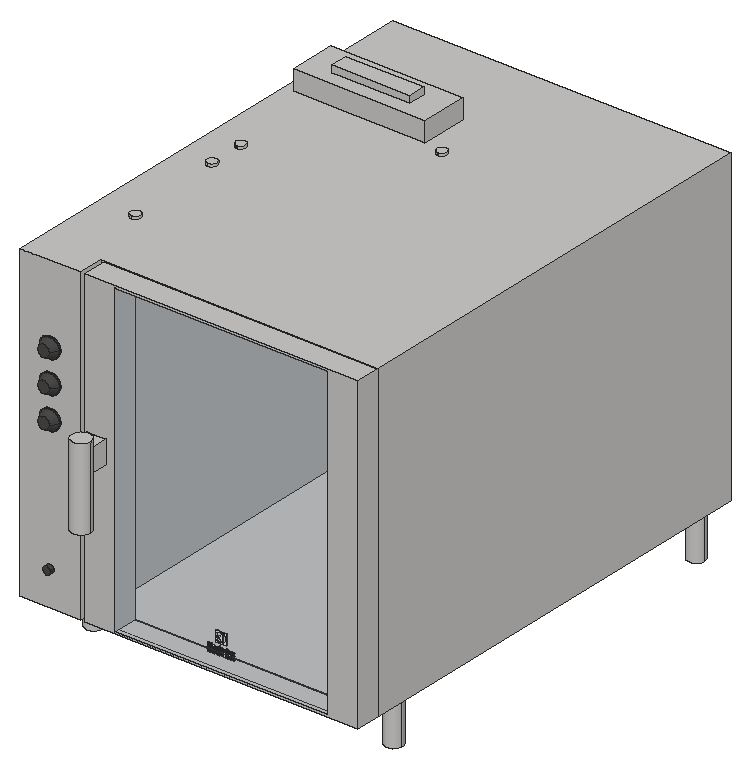
Revit family "QF_ELECTROLUXPROFESSIONAL_260825_EFCG12CSAS", category Attrezzature speciali, Revit 2018
Family settings
  Quota connettore circolare = Usa diametro
  Tipo di parte = Normale
  Basato su piano di lavoro = No
  Sempre verticale = Sì
  Taglio con vuoti quando caricato = No
  Condiviso = No
  Punto di calcolo locali = No
Parameters (values of type "Standard")
  Weight = 154.00 kg
  Watts = 500 W
  Volts = 220 V
  URL Manufacturer = "https://www.electroluxprofessional.com/"
  URL = "https://www.electroluxprofessional.com/"
  Steam Supply Size = 0 mm
  Steam Supply Minimum Pressure = 0.0 Pa
  Steam Supply Maximum Pressure = 0.0 Pa
  Steam Consumption per Hour = 0
  Show Logo [instance] = yes
  Show Clearance [instance] = yes
  Refrigeration Suction Line Size = 0 mm
  Refrigeration Liquid Line Size = 0 mm
  Refrigerant Compressor Remote = yes
  Produttore = "Electrolux Professional"
  Phase = 1
  Modello = "EFCG12CSAS"
  Length Actual = 890 mm  # constant formula
  Item Number = "260825"
  Hot Water Size = 0 mm
  Height Actual = 970 mm  # constant formula
  HP = "0.7 HP"
  Gas Size = 12.7 mm
  Gas KW = 25
  Gas Input Pressure = 0.171871 W
  Direct Waste Size = 25 mm
  Descrizione = "CONVECTION OVEN CW 10 GN 2/1 - GAS"
  Depth Actual = 1215 mm  # constant formula
  Cycle = 50 Hz
  Condensate Return Size = 0 mm
  Compressed Air Volume = 0.0 L/s
  Compressed Air Size = 0 mm
  Compressed Air Pressure = 0.0 Pa
  Cold Water Size = 19.05 mm
  Accessory = yes
Types (2, lengths in mm): name | URL | Produttore | Phase | Modello | Gas Size | Direct Waste Size | Descrizione | Cold Water Size
  (no name) | 0 | 0 | 0 | 0 | 0 | 0 | 0 | 0
  Standard | "https://www.electroluxprofessional.com/" | "Electrolux Professional" | 1 | "EFCG12CSAS" | 12.7 | 25 | "CONVECTION OVEN CW 10 GN 2/1 - GAS" | 19.05
Values of the unnamed type that differ from the named types
  Weight = 0.00 kg
  Watts = 0 W
  Volts = 0 V
  URL Manufacturer = ""
  Item Number = ""
  HP = ""
  Gas KW = 0
  Gas Input Pressure = 0 W
  Cycle = 0 Hz
Reference planes
  plane 1 "Center X": y = -132.649
  plane 2: z = 0
  plane 3 "Center Y": x = -315
  plane 4 "LEFT": x = -760
  plane 5 "BACK": y = 479.851
  plane 6 "RIGHT": x = 130
  plane 7 "FRONT": y = -745.149
  plane 8: x = -710
  plane 9: y = 421.851
  plane 10: y = -680.149
  plane 11: x = 80
  plane 12: y = -1426.149
Forms (mm)
  Extrusion 1, solid, material "QF_Finishes_Stainless Steel"
    sketch origin (0, 0, 950) x (-1, 0, 0) y (0, -1, 0)
      loop
        line (760, -479.851) -> (760, 745.149) -> (600, 745.149) -> (600, 680.149) -> (-130, 680.149) -> (-130, -479.851) -> (760, -479.851)
    from 0 to -820
  Extrusion 2, solid, material "QF_Finishes_Stainless Steel"
    sketch origin (0, -745.149, -670) x (-1, 0, 0) y (0, 0, 1)
      loop
        line (590, 1620) -> (-130, 1620) -> (-130, 800) -> (590, 800) -> (590, 1620)
      loop
        line (510, 1615) -> (-50, 1615) -> (-50, 805) -> (510, 805) -> (510, 1615)
    from 0 to 65
  Extrusion 3, solid, material "QF_Finishes_Glass"
    sketch origin (0, -745.149, -670) x (-1, 0, 0) y (0, 0, 1)
      loop
        line (-50, 1615) -> (-50, 805) -> (510, 805) -> (510, 1615) -> (-50, 1615)
    from 0 to 9.69
  Extrusion 4, void
    sketch origin (-600, -680.149, 950) x (-1, 0, 0) y (0, 0, 1)
      loop
        line (-10, -5) -> (-650, -5) -> (-650, -815) -> (-10, -815) -> (-10, -5)
    from 0 to 1102
  Extrusion 5, solid, material "QF_Finishes_Stainless Steel"
    sketch origin (-32, -391, 955) x (0, -1, 0) y (-1, 0, 0)
      loop
        circle (-265.851, 643) r 13.25
    from 0 to 5
  Extrusion 6, solid, material "QF_Door-Drawer Clearances", visible <- "Show Clearance", detail levels coarse
    sketch origin (0, 0, 950) x (-1, 0, 0) y (0, -1, 0)
      loop
        arc (590, 745.149) -> (362.228, 1225.45) -> (-130, 1426.149) r 734.22
        line (-130, 1426.149) -> (-130, 745.149) -> (590, 745.149)
    from -820 to 0
  Extrusion 7, solid, material "QF_Finishes_Black"
    sketch origin (24, -745.149, -766.676) x (-1, 0, 0) y (0, 0, 1)
      loop
        circle (704, 1512.5) r 26.676
    from 0 to -3
  Blend 8, solid, material "QF_Finishes_Black"
    base sketch origin (-21, -745.149, -766.676) x (1, 0, 0) y (0, 0, 1)
      loop
        circle (-659, 1512.5) r 25
    top sketch origin (-21, -745.149, -766.676) x (1, 0, 0) y (0, 0, 1)
      loop
        circle (-659, 1512.5) r 15
    from 3 to 21.442
  Extrusion 9, solid, material "QF_Finishes_Black"
    sketch origin (24, -745.149, -851.676) x (-1, 0, 0) y (0, 0, 1)
      loop
        circle (704, 1512.5) r 26.676
    from 0 to -3
  Blend 10, solid, material "QF_Finishes_Black"
    base sketch origin (-21, -745.149, -851.676) x (1, 0, 0) y (0, 0, 1)
      loop
        circle (-659, 1512.5) r 25
    top sketch origin (-21, -745.149, -851.676) x (1, 0, 0) y (0, 0, 1)
      loop
        circle (-659, 1512.5) r 15
    from 3 to 21.442
  Extrusion 11, solid, material "QF_Finishes_Black"
    sketch origin (24, -745.149, -936.676) x (-1, 0, 0) y (0, 0, 1)
      loop
        circle (704, 1512.5) r 26.676
    from 0 to -3
  Blend 12, solid, material "QF_Finishes_Black"
    base sketch origin (-21, -745.149, -936.676) x (1, 0, 0) y (0, 0, 1)
      loop
        circle (-659, 1512.5) r 25
    top sketch origin (-21, -745.149, -936.676) x (1, 0, 0) y (0, 0, 1)
      loop
        circle (-659, 1512.5) r 15
    from 3 to 21.442
  Extrusion 13, solid, material "QF_Finishes_Stainless Steel"
    sketch origin (-17, -431, 955) x (0, -1, 0) y (-1, 0, 0)
      loop
        circle (59.149, 643) r 13.25
    from 0 to 5
  Extrusion 14, solid, material "QF_Finishes_Stainless Steel"
    sketch origin (309, 1.5, 955) x (0, -1, 0) y (-1, 0, 0)
      loop
        circle (-108.351, 643) r 13.25
    from 0 to 5
  Extrusion 15, solid, material "QF_Finishes_Stainless Steel"
    sketch origin (0, 0, 575) x (-1, 0, 0) y (0, -1, 0)
      loop
        circle (559.299, 795.149) r 25
    from -193.655 to 20
  Extrusion 16, solid, material "QF_Finishes_Stainless Steel"
    sketch origin (0, 0, 575) x (-1, 0, 0) y (0, -1, 0)
      loop
        line (534.299, 795.149) -> (534.299, 745.149) -> (584.299, 745.149) -> (584.299, 795.149)
        arc (584.299, 795.149) -> (559.299, 770.149) -> (534.299, 795.149) r 25
    from -55.026 to 5
  Extrusion 17, solid, material "QF_Finishes_Black"
    sketch origin (25, -795.149, -1017.5) x (-1, 0, 0) y (0, 0, 1)
      loop
        circle (705.941, 1240.523) r 10
    from 40 to 50
  Extrusion 18, solid, material "QF_Finishes_Stainless Steel"
    sketch origin (-122.755, -56.423, 1620) x (-1, 0, 0) y (0, -1, 0)
      loop
        line (611.245, -302.274) -> (611.245, -178.274) -> (265.245, -178.274) -> (265.245, -302.274) -> (611.245, -302.274)
    from -670 to -619
  Extrusion 19, solid, material "QF_Finishes_Stainless Steel"
    sketch origin (-122.755, -56.423, 1001) x (-1, 0, 0) y (0, -1, 0)
      loop
        line (541.245, -263.274) -> (541.245, -217.274) -> (335.245, -217.274) -> (335.245, -263.274) -> (541.245, -263.274)
    from 0 to 17
  Extrusion 20, solid, material "QF_Finishes_Stainless Steel"
    sketch origin (-32, -486, 955) x (0, -1, 0) y (-1, 0, 0)
      loop
        circle (-265.851, 643) r 13.25
    from 0 to 5
Cuts and joins
  Extrusion 4 cuts Extrusion 2
  Extrusion 4 cuts Extrusion 1
Lines and regions (mm)
  Split face 1
    outline origin (50, -745.149, 135) x (1, 0, 0) y (0, 0, 1)
      loop
        line (-546.223, 92.039) -> (-395, 92.039) -> (-366.716, 120.323) -> (-280, 120.323) -> (-193.284, 120.323) -> (-165, 92.039) -> (-13.777, 92.039) -> (-13.777, 732.039) -> (-546.223, 732.039) -> (-546.223, 92.039)
  Split face 2
    outline origin (-760, -745.149, 950) x (0, 0, -1) y (1, 0, 0)
      loop
        line (5, 15) -> (815, 15) -> (815, 145) -> (5, 145) -> (5, 15)
  Split face 3
    outline origin (-760, -745.149, 950) x (0, 0, -1) y (1, 0, 0)
      loop
        line (50, 15) -> (50, 145)
  Split face 4
    outline origin (-760, -745.149, 950) x (0, 0, -1) y (1, 0, 0)
      loop
        line (770, 15) -> (770, 145)
  Split face 5
    outline origin (-760, -745.149, 950) x (0, 0, -1) y (1, 0, 0)
      loop
        line (447.866, 50) -> (472.866, 50) -> (472.866, 110) -> (447.866, 110) -> (447.866, 50)
  symbolic lines
    curve 1: line (-760, -745.149, 1620) -> (-760, 479.851, 1620)
    curve 2: line (-760, 479.851, 1620) -> (130, 479.851, 1620)
    curve 3: line (-600, -680.149, 1620) -> (130, -680.149, 1620)
    curve 4: line (-600, -680.149, 1620) -> (-600, -745.149, 1620)
    curve 5: line (-760, -745.149, 1620) -> (130, -745.149, 1620)
    curve 6: line (-706.676, -748.149, 1620) -> (-653.324, -748.149, 1620)
    curve 7: line (-695, -766.591, 1620) -> (-665, -766.591, 1620)
    curve 8: line (-706.676, -748.149, 1620) -> (-706.676, -745.149, 1620)
    curve 9: line (-653.324, -748.149, 1620) -> (-653.324, -745.149, 1620)
    curve 10: line (-695, -766.591, 1620) -> (-705, -748.149, 1620)
    curve 11: line (-665, -766.591, 1620) -> (-655.006, -748.149, 1620)
    curve 12: line (130, 479.851, 1620) -> (130, -745.149, 1620)
    curve 14: arc (-534.299, -795.149, 1620) -> (-559.299, -770.149, 1620) -> (-584.299, -795.149, 1620) r 25
    curve 15: arc (-584.299, -795.149, 1620) -> (-559.299, -820.149, 1620) -> (-534.299, -795.149, 1620) r 25
    curve 16: line (-534.299, -795.149, 1620) -> (-534.299, -745.149, 1620)
    curve 17: line (-584.299, -745.149, 1620) -> (-584.299, -795.149, 1620)
    curve 19: line (-734, 245.851, 1620) -> (-388, 245.851, 1620)
    curve 20: line (-734, 121.851, 1620) -> (-734, 245.851, 1620)
    curve 21: line (-388, 121.851, 1620) -> (-734, 121.851, 1620)
    curve 22: line (-388, 245.851, 1620) -> (-388, 121.851, 1620)
    curve 23: line (-664, 206.851, 1620) -> (-458, 206.851, 1620)
    curve 24: line (-664, 160.851, 1620) -> (-664, 206.851, 1620)
    curve 25: line (-458, 160.851, 1620) -> (-664, 160.851, 1620)
    curve 26: line (-458, 206.851, 1620) -> (-458, 160.851, 1620)
  symbolic lines, style "QF_Door-Drawer Clearances"
    curve 13: line (130, -1426.149, 1620) -> (130, -745.149, 1620)
    curve 18: arc (-590, -745.149, 1620) -> (-362.228, -1225.45, 1620) -> (130, -1426.149, 1620) r 734.22
Dimensions and locks
  equal spacing: plane 4 "LEFT", plane 3 "Center Y", plane 6 "RIGHT"
  plane 4 "LEFT" to plane 6 "RIGHT" = 890 mm
  plane 5 "BACK" to plane 7 "FRONT" = 1225 mm
  equal spacing: plane 5 "BACK", plane 1 "Center X", plane 7 "FRONT"
  plane 5 "BACK" to plane 12 = 1906 mm
  Extrusion 6 to level = 130 mm
  Extrusion 6 to level = 950 mm
  aligned and locked: level to plane 2
  aligned and locked: Blend 8 to Extrusion 7
  aligned and locked: Blend 10 to Extrusion 9
  aligned and locked: Blend 12 to Extrusion 11
Automatic sketch dimensions
  Extrusion 1 sketch curve to plane 5 "BACK" = 0 mm
  Extrusion 1 sketch curve to plane 6 "RIGHT" = 0 mm
  Extrusion 1 sketch curve to plane 10 = 0 mm
  Extrusion 1 sketch curve to plane 7 "FRONT" = 0 mm
  Extrusion 1 sketch curve to plane 4 "LEFT" = 0 mm
  plane 8 to Extrusion 1 sketch curve = 110 mm
  Extrusion 2 sketch curve to plane 6 "RIGHT" = 0 mm
  Extrusion 2 sketch curve to plane 11 = 30 mm
  Extrusion 2 sketch curve to plane 3 "Center Y" = 195 mm
  Extrusion 2 sketch curve to Extrusion 2 sketch curve = 80 mm
  level to Extrusion 2 sketch curve = 130 mm
  Extrusion 2 sketch curve to Extrusion 2 sketch curve = 5 mm  (x2)
  Extrusion 2 sketch curve to Extrusion 2 sketch curve = 810 mm
  Extrusion 3 sketch curve to plane 11 = 30 mm
  Extrusion 3 sketch curve to plane 3 "Center Y" = 195 mm  (x2)
  level to Extrusion 3 sketch curve = 135 mm
  Extrusion 3 sketch curve to Extrusion 3 sketch curve = 810 mm
  Extrusion 4 sketch curve to plane 11 = 30 mm
  plane 8 to Extrusion 4 sketch curve = 120 mm
  level to Extrusion 4 sketch curve = 135 mm
  Extrusion 4 sketch curve to Extrusion 4 sketch curve = 810 mm
  Extrusion 5 sketch curve to plane 1 "Center X" = 7.5 mm
  plane 8 to Extrusion 5 sketch curve = 35 mm
  Extrusion 6 sketch curve to plane 6 "RIGHT" = 0 mm
  Extrusion 6 sketch curve to plane 7 "FRONT" = 0 mm
  Extrusion 6 sketch curve to plane 12 = 0 mm
  plane 6 "RIGHT" to Extrusion 6 sketch curve = 12.296 mm
  plane 8 to Extrusion 6 sketch curve = 120 mm
  plane 8 to Extrusion 7 sketch curve = 30 mm
  level to Extrusion 7 sketch curve = 745.824 mm
  Extrusion 2 to Blend 8 sketch curve = 90 mm  (x2)
  Extrusion 2 to Blend 8 sketch curve = 199.176 mm  (x2)
  plane 8 to Extrusion 9 sketch curve = 30 mm
  level to Extrusion 9 sketch curve = 660.824 mm
  Extrusion 2 to Blend 10 sketch curve = 90 mm  (x2)
  Extrusion 2 to Blend 10 sketch curve = 284.176 mm  (x2)
  plane 8 to Extrusion 11 sketch curve = 30 mm
  level to Extrusion 11 sketch curve = 575.824 mm
  Extrusion 2 to Blend 12 sketch curve = 90 mm  (x2)
  Extrusion 2 to Blend 12 sketch curve = 369.176 mm  (x2)
  plane 8 to Extrusion 13 sketch curve = 50 mm
  plane 10 to Extrusion 13 sketch curve = 190 mm
  Extrusion 14 sketch curve to plane 3 "Center Y" = 19 mm
  Extrusion 14 sketch curve to plane 1 "Center X" = 242.5 mm
  Extrusion 15 sketch curve to plane 7 "FRONT" = 50 mm
  plane 8 to Extrusion 15 sketch curve = 150.701 mm
  Extrusion 16 sketch curve to plane 7 "FRONT" = 0 mm
  plane 8 to Extrusion 16 sketch curve = 175.701 mm
  Extrusion 16 sketch curve to Extrusion 16 sketch curve = 25 mm
  Extrusion 16 sketch curve to plane 7 "FRONT" = 50 mm
  Split face 1 sketch curve to Extrusion 3 = 13.777 mm  (x2)
  Split face 1 sketch curve to Split face 1 sketch curve = 151.223 mm
  Split face 1 sketch curve to Split face 1 sketch curve = 28.284 mm  (x3)
  Split face 1 sketch curve to Split face 1 sketch curve = 86.716 mm  (x2)
  Split face 1 sketch curve to Extrusion 3 = 92.039 mm  (x2)
  Split face 1 sketch curve to Extrusion 3 = 77.961 mm
  Split face 2 sketch curve to cut or joined group of Extrusion 1, Extrusion 4 = 5 mm  (x2)
  Split face 2 sketch curve to cut or joined group of Extrusion 1, Extrusion 4 = 15 mm  (x2)
  Split face 3 sketch curve to cut or joined group of Extrusion 1, Extrusion 4 = 15 mm  (x2)
  Split face 3 sketch curve to cut or joined group of Extrusion 1, Extrusion 4 = 50 mm
  Split face 4 sketch curve to cut or joined group of Extrusion 1, Extrusion 4 = 15 mm  (x2)
  Split face 4 sketch curve to cut or joined group of Extrusion 1, Extrusion 4 = 50 mm
  Split face 5 sketch curve to cut or joined group of Extrusion 1, Extrusion 4 = 50 mm  (x2)
  Split face 5 sketch curve to cut or joined group of Extrusion 1, Extrusion 4 = 372.134 mm
  Split face 5 sketch curve to Split face 5 sketch curve = 25 mm
  plane 8 to Extrusion 17 sketch curve = 29.059 mm
  level to Extrusion 17 sketch curve = 223.023 mm
  Extrusion 18 sketch curve to plane 3 "Center Y" = 73 mm
  Extrusion 18 sketch curve to plane 8 = 24 mm
  Extrusion 18 sketch curve to plane 9 = 176 mm
  Extrusion 18 sketch curve to Extrusion 18 sketch curve = 124 mm
  Extrusion 19 sketch curve to Extrusion 18 = 70 mm  (x2)
  Extrusion 19 sketch curve to Extrusion 18 = 39 mm  (x2)
  plane 8 to Extrusion 20 sketch curve = 35 mm
  plane 1 "Center X" to Extrusion 20 sketch curve = 87.5 mm
  curve 14 to curve 15 = 0 mm  (x2)
  curve 12 to plane 6 "RIGHT" = 0 mm
  curve 16 to plane 7 "FRONT" = 0 mm
  curve 4 to plane 10 = 0 mm
  curve 2 to plane 4 "LEFT" = 0 mm
  curve 1 to plane 5 "BACK" = 0 mm
  curve 18 to plane 12 = 0 mm
  plane 6 "RIGHT" to curve 18 = 12.296 mm
  curve 19 to plane 3 "Center Y" = 73 mm
  curve 19 to curve 26 = 70 mm
  curve 16 to plane 7 "FRONT" = 50 mm
  plane 8 to curve 16 = 175.701 mm
  curve 14 to curve 15 = 25 mm
  curve 17 to curve 4 = 15.701 mm
  curve 6 to plane 7 "FRONT" = 3 mm
  curve 4 to curve 6 = 53.324 mm
  plane 8 to curve 23 = 46 mm
  curve 11 to plane 7 "FRONT" = 21.442 mm
  curve 6 to curve 11 = 11.676 mm
  plane 8 to curve 7 = 15 mm
  plane 8 to curve 8 = 3.324 mm
  curve 20 to plane 8 = 24 mm
  curve 19 to plane 9 = 176 mm
  curve 19 to curve 23 = 39 mm
  curve 23 to curve 25 = 46 mm
  curve 24 to curve 21 = 39 mm
  curve 18 to plane 10 = 11.883 mm
  curve 6 to curve 11 = 1.682 mm
  curve 10 to curve 6 = 1.676 mm
  radius of Extrusion 5 sketch curve = 13.25 mm
  radius of Extrusion 7 sketch curve = 26.676 mm
  radius of Blend 8 sketch curve = 25 mm
  radius of Blend 8 sketch curve = 15 mm
  radius of Extrusion 9 sketch curve = 26.676 mm
  radius of Blend 10 sketch curve = 25 mm
  radius of Blend 10 sketch curve = 15 mm
  radius of Extrusion 11 sketch curve = 26.676 mm
  radius of Blend 12 sketch curve = 25 mm
  radius of Blend 12 sketch curve = 15 mm
  radius of Extrusion 13 sketch curve = 13.25 mm
  radius of Extrusion 14 sketch curve = 13.25 mm
  radius of Extrusion 15 sketch curve = 25 mm
  radius of Extrusion 17 sketch curve = 10 mm
  radius of Extrusion 20 sketch curve = 13.25 mm
Nested families
  nested 1: "Foot" at (-710, -565.149, 0), type "Foot"
    with Ø 22 mm, H 130 mm
  nested 2: "Foot" at (80, -565.149, 0), type "Foot"
    with Ø 22 mm, H 130 mm
  nested 3: "Foot" at (80, 429.851, 0), type "Foot"
    with Ø 22 mm, H 130 mm
  nested 4: "Foot" at (-710, 429.851, 0), type "Foot"
    with Ø 22 mm, H 130 mm
  nested 5: "ELX_Pro_Logo" at (-230, -745.149, 201.012) x (1, 0, 0) z (0, -1, 0), type "ELX_Pro_Logo"
Connectors
  piping at (-334, 109.851, 955), diameter 26.4
    settings: on Extrusion 14, index 6, connector inside diameter 609.6 mm, connector length 0 mm, flow factor 0, pipe flow 0.0 L/s, pressure drop 0.0 Pa, fitting loss kfactor 0, connector angle 0.00°, fixture units 0, engagement length 0 mm, angle of deflection 0.00°, flow configuration 0, flow direction 0, fitting loss method 0, system type 16, joint type 0, gender type 0, connector reference index -1, connector utility 0, adjustable connector no, is connector primary yes, connector description ""
  electrical at (-660, -490.149, 955)
    settings: on Extrusion 13, index 7, voltage 0 V, apparent load 0 VA, apparent load phase1 0 VA, apparent load phase2 0 VA, apparent load phase3 0 VA, power factor 1, load classification "Altro", number of poles 1, system type 30, power factor state 1, is connector primary yes, connector utility no, sub classification motor no, connector description "Electrical"
  piping at (-675, -125.149, 955), diameter 26.4
    settings: on Extrusion 5, index 8, connector inside diameter 609.6 mm, connector length 0 mm, flow factor 0, pipe flow 0.0 L/s, pressure drop 0.0 Pa, fitting loss kfactor 0, connector angle 0.00°, fixture units 0, engagement length 0 mm, angle of deflection 0.00°, flow configuration 0, flow direction 0, fitting loss method 0, system type 20, joint type 0, gender type 0, connector reference index -1, connector utility 0, adjustable connector no, is connector primary no, connector description "Cold Water Inled"
  piping at (-675, -220.149, 955), diameter 26.4
    settings: on Extrusion 20, index 9, connector inside diameter 609.6 mm, connector length 0 mm, flow factor 0, pipe flow 0.0 L/s, pressure drop 0.0 Pa, fitting loss kfactor 0, connector angle 0.00°, fixture units 0, engagement length 0 mm, angle of deflection 0.00°, flow configuration 0, flow direction 0, fitting loss method 0, system type 22, joint type 0, gender type 0, connector reference index -1, connector utility 0, adjustable connector no, is connector primary no, connector description "Gas"
Definition of nested family "Foot"
  Parameters
    Ø [instance] = 20 mm
    H [instance] = 50 mm
  Reference planes
    plane 1 "Centro (Fronte/Retro)": y = 0
    plane 2: z = 0
    plane 3 "Centro (Sinistra/Destra)": x = 0
    plane 4: z = 50
  Forms (mm)
    Revolve 1, solid
      sketch origin (255.05, 0, 608.09) x (0, 0, 1) y (-1, 0, 0)
        loop
          line (-608.09, 255.05) -> (-608.09, 235.05) -> (-558.09, 235.05) -> (-558.09, 255.05) -> (-608.09, 255.05)
        axis (-608.09, 255.05) -> (-558.09, 255.05)
      angle from 0 to 360
  Dimensions and locks
    "H": plane 4 to plane 2
    "Ø": Revolve 1 sketch curve to Revolve 1 sketch curve
    aligned and locked: level to plane 2
    aligned and locked: plane 4 to Revolve 1 sketch curve
    aligned and locked: Revolve 1 sketch curve to level
    aligned and locked: plane 3 "Centro (Sinistra/Destra)" to Revolve 1 sketch curve
  Automatic sketch dimensions
    Revolve 1 sketch curve to plane 3 "Centro (Sinistra/Destra)" = 0 mm
    Revolve 1 sketch curve to Revolve 1 sketch curve = 50 mm
    Revolve 1 sketch curve to Revolve 1 sketch curve = 20 mm
Definition of nested family "ELX_Pro_Logo"
  Parameters (values of type "ELX_Pro_Logo")
    M = none
    Default Elevation = 0 mm
  Reference planes
    plane 1 "Centro (Fronte/Retro)": y = 0
    plane 2: z = 0
    plane 3 "Centro (Sinistra/Destra)": x = 0
  Forms (mm)
    Extrusion 1, solid
      sketch origin (0, 0, 0) x (1, 0, 0) y (0, 1, 0)
        loop
          line (-1219.2, 1219.2) -> (-1219.2, -1219.2) -> (1219.2, -1219.2) -> (1219.2, 1219.2) -> (-1219.2, 1219.2)
      from 0 to -304.8
    Extrusion 2, solid, material <- "M"
      sketch origin (-144.622, -1081.55, 0) x (-1, 0, 0) y (0, -1, 0)
        loop
          line (-111.329, -1069.559) -> (-111.329, -1071.073) -> (-116.048, -1071.073) -> (-116.048, -1072.896) -> (-111.328, -1072.896) -> (-111.328, -1075.549) -> (-116.349, -1075.549) -> (-116.349, -1077.368) -> (-109.396, -1077.368) -> (-109.396, -1073.46) -> (-109.396, -1069.659)
          arc (-109.396, -1069.659) -> (-110.425, -1067.175) -> (-112.909, -1066.146) r 3.513
          line (-112.909, -1066.146) -> (-116.483, -1066.146) -> (-116.483, -1067.963) -> (-112.925, -1067.963)
          arc (-112.925, -1067.963) -> (-111.797, -1068.431) -> (-111.329, -1069.559) r 1.596
        loop
          line (-119.79, -1077.358) -> (-117.856, -1077.358) -> (-117.856, -1072.053) -> (-117.856, -1066.132) -> (-119.79, -1066.132) -> (-119.79, -1072.092) -> (-119.79, -1077.358)
        loop
          line (-122.986, -1069.718) -> (-129.327, -1069.718)
          arc (-129.327, -1069.718) -> (-129.219, -1071.449) -> (-128.497, -1073.026) r 4.757
          arc (-128.497, -1073.026) -> (-125.237, -1074.5) -> (-121.978, -1073.026) r 4.34
          arc (-121.978, -1073.026) -> (-121.072, -1070.207) -> (-121.978, -1067.388) r 4.838
          arc (-121.978, -1067.388) -> (-125.393, -1065.933) -> (-128.809, -1067.388) r 4.737
          line (-128.809, -1067.388) -> (-127.645, -1068.52)
          arc (-127.645, -1068.52) -> (-125.509, -1067.576) -> (-123.374, -1068.52) r 2.888
          arc (-123.374, -1068.52) -> (-123.05, -1069.077) -> (-122.986, -1069.718) r 1.527
        loop
          arc (-127.386, -1071.076) -> (-126.67, -1072.331) -> (-125.331, -1072.872) r 2.201
          arc (-125.331, -1072.872) -> (-123.848, -1072.402) -> (-123.033, -1071.076) r 2.23
          line (-123.033, -1071.076) -> (-127.386, -1071.076)
        loop
          line (-136.862, -1071.886) -> (-138.059, -1073.132)
          arc (-138.059, -1073.132) -> (-130.327, -1070.219) -> (-138.059, -1067.306) r 4.415
          line (-138.059, -1067.306) -> (-136.862, -1068.553)
          arc (-136.862, -1068.553) -> (-132.252, -1070.22) -> (-136.862, -1071.886) r 2.606
        loop
          line (-141.192, -1069.673) -> (-141.192, -1072.494) -> (-142.951, -1072.494) -> (-142.951, -1074.25) -> (-141.195, -1074.25) -> (-141.195, -1077.358) -> (-139.262, -1077.358) -> (-139.262, -1073.332) -> (-139.262, -1069.514)
          arc (-139.262, -1069.514) -> (-140.299, -1066.92) -> (-142.98, -1066.132) r 3.196
          line (-142.98, -1066.132) -> (-142.987, -1067.949)
          arc (-142.987, -1067.949) -> (-141.652, -1068.356) -> (-141.192, -1069.673) r 1.542
        loop
          line (-146.494, -1073.042) -> (-146.494, -1074.25) -> (-144.576, -1074.25) -> (-144.576, -1070.271) -> (-144.576, -1066.132) -> (-146.494, -1066.132) -> (-146.494, -1070.401)
          arc (-146.494, -1070.401) -> (-147.446, -1072.228) -> (-149.489, -1072.494) r 2.229
          line (-149.489, -1072.494) -> (-149.489, -1074.362)
          arc (-149.489, -1074.362) -> (-147.761, -1074.226) -> (-146.494, -1073.042) r 2.627
        loop
          line (-159.833, -1072.246) -> (-159.833, -1066.131) -> (-161.767, -1066.131) -> (-161.767, -1072.17) -> (-161.767, -1077.359) -> (-159.833, -1077.359) -> (-159.833, -1072.246)
        loop
          line (-165.194, -1069.514) -> (-165.194, -1074.25) -> (-163.245, -1074.25) -> (-163.245, -1071.898) -> (-163.245, -1069.098)
          arc (-163.245, -1069.098) -> (-166.96, -1065.769) -> (-170.687, -1069.085) r 3.745
          line (-170.687, -1069.085) -> (-170.687, -1071.898) -> (-170.687, -1074.25) -> (-168.739, -1074.25) -> (-168.739, -1069.514)
          arc (-168.739, -1069.514) -> (-166.967, -1067.742) -> (-165.194, -1069.514) r 1.772
        loop
          line (-174.654, -1070.416) -> (-172.975, -1068.078) -> (-171.578, -1066.131) -> (-173.656, -1066.131) -> (-175.717, -1068.999) -> (-177.779, -1066.131) -> (-179.857, -1066.131) -> (-178, -1068.728) -> (-176.781, -1070.433) -> (-178.29, -1072.488) -> (-179.583, -1074.25) -> (-177.473, -1074.25) -> (-175.717, -1071.818) -> (-173.945, -1074.25) -> (-171.852, -1074.25) -> (-173.052, -1072.608) -> (-174.654, -1070.416)
        loop
          circle (-154.223, -1070.188) r 2.508
        loop
          circle (-154.223, -1070.188) r 4.42
        loop
          line (-110.224, -1058.542) -> (-111.194, -1058.542)
          arc (-111.194, -1058.542) -> (-112.217, -1059.95) -> (-110.924, -1061.114) r 1.3
          line (-110.924, -1061.114) -> (-109.424, -1061.114) -> (-109.424, -1057.223) -> (-110.224, -1057.223) -> (-110.224, -1058.542)
        loop
          line (-110.224, -1060.379) -> (-110.224, -1059.293) -> (-111.03, -1059.293)
          arc (-111.03, -1059.293) -> (-111.43, -1059.836) -> (-111.03, -1060.379) r 0.569
          line (-111.03, -1060.379) -> (-110.224, -1060.379)
        loop
          line (-116.302, -1058.564) -> (-117.128, -1058.564) -> (-117.934, -1057.223) -> (-118.841, -1057.223) -> (-117.833, -1058.884)
          arc (-117.833, -1058.884) -> (-118.214, -1060.282) -> (-117.028, -1061.114) r 1.26
          line (-117.028, -1061.114) -> (-115.503, -1061.114) -> (-115.503, -1057.223) -> (-116.302, -1057.223) -> (-116.302, -1058.564)
        loop
          line (-116.302, -1060.379) -> (-116.302, -1059.293) -> (-117.109, -1059.293)
          arc (-117.109, -1059.293) -> (-117.508, -1059.836) -> (-117.109, -1060.379) r 0.569
          line (-117.109, -1060.379) -> (-116.302, -1060.379)
        loop
          line (-128.923, -1057.223) -> (-129.723, -1057.223) -> (-129.723, -1058.714) -> (-131.187, -1058.714) -> (-131.187, -1059.514) -> (-129.723, -1059.514) -> (-129.723, -1060.314) -> (-131.327, -1060.314) -> (-131.327, -1061.114) -> (-128.923, -1061.114) -> (-128.923, -1057.223)
        loop
          arc (-134.628, -1058.469) -> (-134.992, -1057.588) -> (-135.874, -1057.223) r 1.246
          line (-135.874, -1057.223) -> (-137.13, -1057.223) -> (-137.13, -1058.023) -> (-135.969, -1058.023)
          arc (-135.969, -1058.023) -> (-135.53, -1058.237) -> (-135.427, -1058.714) r 0.558
          line (-135.427, -1058.714) -> (-136.984, -1058.714) -> (-136.984, -1059.514) -> (-135.427, -1059.514) -> (-135.427, -1060.314) -> (-137.092, -1060.314) -> (-137.092, -1061.114) -> (-134.628, -1061.114) -> (-134.628, -1058.469)
        loop
          line (-152.3, -1057.223) -> (-153.1, -1057.223) -> (-153.1, -1061.114) -> (-152.3, -1061.114) -> (-152.3, -1057.223)
        loop
          line (-164.67, -1057.223) -> (-164.67, -1059.67) -> (-166.45, -1057.223) -> (-167.25, -1057.223) -> (-167.25, -1061.114) -> (-166.42, -1061.114) -> (-166.42, -1058.594) -> (-164.64, -1061.114) -> (-163.84, -1061.114) -> (-163.84, -1057.223) -> (-164.67, -1057.223)
        loop
          line (-170.403, -1057.223) -> (-171.262, -1057.223) -> (-171.641, -1058.063) -> (-173.08, -1058.063) -> (-173.459, -1057.223) -> (-174.317, -1057.223) -> (-172.796, -1061.113) -> (-171.996, -1061.113) -> (-170.403, -1057.223)
        loop
          line (-177.493, -1057.223) -> (-179.789, -1057.223) -> (-179.789, -1058.023) -> (-178.293, -1058.023) -> (-178.293, -1061.114) -> (-177.493, -1061.114) -> (-177.493, -1057.223)
        loop
          line (-172.362, -1059.848) -> (-171.945, -1058.83) -> (-172.76, -1058.83) -> (-172.362, -1059.848)
        loop
          circle (-158.484, -1059.145) r 1.288
        loop
          circle (-158.484, -1059.145) r 2.065
        loop
          arc (-146.04, -1058.095) -> (-146.933, -1057.275) -> (-148.145, -1057.245) r 1.725
          arc (-148.145, -1057.245) -> (-148.965, -1058.02) -> (-148.68, -1059.111) r 1.107
          arc (-148.68, -1059.111) -> (-148.103, -1059.465) -> (-147.486, -1059.746) r 5.523
          arc (-147.486, -1059.746) -> (-147.147, -1060.262) -> (-147.708, -1060.52) r 0.407
          arc (-147.708, -1060.52) -> (-148.045, -1060.315) -> (-148.325, -1060.038) r 1.702
          line (-148.325, -1060.038) -> (-149.011, -1060.45)
          arc (-149.011, -1060.45) -> (-148.578, -1060.911) -> (-148.043, -1061.247) r 2.463
          arc (-148.043, -1061.247) -> (-146.373, -1060.466) -> (-147.42, -1058.949) r 1.207
          spline (-147.42, -1058.949) -> (-147.716, -1058.809) -> (-147.932, -1058.678) -> (-148.077, -1058.557) -> (-148.163, -1058.446) -> (-148.198, -1058.347) -> (-148.192, -1058.258) -> (-148.157, -1058.182) -> (-148.102, -1058.118) -> (-148.037, -1058.068) -> (-147.972, -1058.031) -> (-147.917, -1058.008) -> (-147.883, -1058)
          arc (-147.883, -1058) -> (-147.238, -1058.014) -> (-146.759, -1058.446) r 0.925
          line (-146.759, -1058.446) -> (-146.04, -1058.095)
        loop
          arc (-140.18, -1058.095) -> (-141.073, -1057.275) -> (-142.285, -1057.245) r 1.725
          arc (-142.285, -1057.245) -> (-143.106, -1058.02) -> (-142.821, -1059.111) r 1.107
          arc (-142.821, -1059.111) -> (-142.243, -1059.465) -> (-141.627, -1059.746) r 5.523
          arc (-141.627, -1059.746) -> (-141.287, -1060.262) -> (-141.849, -1060.52) r 0.407
          arc (-141.849, -1060.52) -> (-142.185, -1060.315) -> (-142.466, -1060.038) r 1.702
          line (-142.466, -1060.038) -> (-143.151, -1060.45)
          arc (-143.151, -1060.45) -> (-142.719, -1060.911) -> (-142.183, -1061.247) r 2.463
          arc (-142.183, -1061.247) -> (-140.513, -1060.466) -> (-141.56, -1058.949) r 1.207
          spline (-141.56, -1058.949) -> (-141.856, -1058.809) -> (-142.072, -1058.678) -> (-142.218, -1058.557) -> (-142.303, -1058.446) -> (-142.338, -1058.347) -> (-142.333, -1058.258) -> (-142.298, -1058.182) -> (-142.242, -1058.118) -> (-142.177, -1058.068) -> (-142.112, -1058.031) -> (-142.057, -1058.008) -> (-142.023, -1058)
          arc (-142.023, -1058) -> (-141.378, -1058.014) -> (-140.9, -1058.446) r 0.925
          line (-140.9, -1058.446) -> (-140.18, -1058.095)
        loop
          circle (-123.484, -1059.145) r 1.288
        loop
          circle (-123.484, -1059.145) r 2.065
        loop
          line (-130.225, -1113.361) -> (-130.225, -1084.645) -> (-158.979, -1084.645) -> (-158.979, -1113.361) -> (-130.225, -1113.361)
        loop
          arc (-148.442, -1086.055) -> (-157.992, -1098.973) -> (-148.442, -1111.892) r 13.512
          line (-148.442, -1111.892) -> (-148.442, -1086.055)
        loop
          line (-147.127, -1086.055) -> (-147.127, -1087.926)
          arc (-147.127, -1087.926) -> (-143.116, -1095.125) -> (-135.48, -1098.224) r 12.412
          line (-135.48, -1098.224) -> (-131.205, -1098.224)
          arc (-131.205, -1098.224) -> (-136.382, -1088.497) -> (-147.127, -1086.055) r 13.242
        loop
          line (-147.127, -1110.021) -> (-147.127, -1112.224)
          arc (-147.127, -1112.224) -> (-136.374, -1109.53) -> (-131.205, -1099.722) r 13.588
          line (-131.205, -1099.722) -> (-135.48, -1099.722)
          arc (-135.48, -1099.722) -> (-143.116, -1102.822) -> (-147.127, -1110.021) r 12.412
      from 0 to 1.6
  Lines and regions (mm)
    symbolic lines
      curve 1: line (-14.357, 31.811, 0) -> (14.357, 31.811, 0)
      curve 2: line (-14.357, 3.095, 0) -> (-14.357, 31.811, 0)
      curve 3: line (14.357, 3.095, 0) -> (-14.357, 3.095, 0)
      curve 4: line (14.357, 31.811, 0) -> (14.357, 3.095, 0)
      curve 5: line (-8.32, 7.722, 0) -> (-9.387, 8.738, 0)
      curve 6: line (-9.387, 8.738, 0) -> (-10.331, 9.866, 0)
      curve 7: line (-10.331, 9.866, 0) -> (-11.141, 11.095, 0)
      curve 8: line (-11.141, 11.095, 0) -> (-11.805, 12.411, 0)
      curve 9: line (-11.805, 12.411, 0) -> (-12.31, 13.803, 0)
      curve 10: line (-12.31, 13.803, 0) -> (-12.646, 15.26, 0)
      curve 11: line (-12.646, 15.26, 0) -> (-12.8, 16.77, 0)
      curve 12: line (-12.8, 16.77, 0) -> (-10.081, 16.77, 0)
      curve 13: line (-10.081, 16.77, 0) -> (-8.466, 16.661, 0)
      curve 14: line (-8.466, 16.661, 0) -> (-6.88, 16.344, 0)
      curve 15: line (-6.88, 16.344, 0) -> (-5.345, 15.833, 0)
      curve 16: line (-5.345, 15.833, 0) -> (-3.882, 15.143, 0)
      curve 17: line (-3.882, 15.143, 0) -> (-2.511, 14.288, 0)
      curve 18: line (-2.511, 14.288, 0) -> (-1.255, 13.283, 0)
      curve 19: line (-1.255, 13.283, 0) -> (-0.135, 12.143, 0)
      curve 20: line (-0.135, 12.143, 0) -> (0.83, 10.882, 0)
      curve 21: line (0.83, 10.882, 0) -> (1.616, 9.515, 0)
      curve 22: arc (1.616, 9.515, 0) -> (2.419, 7.28, 0) -> (2.7, 4.923, 0) r 10.532
      curve 23: arc (2.7, 4.923, 0) -> (1.362, 4.715, 0) -> (0.011, 4.633, 0) r 14.39
      curve 24: line (0.011, 4.633, 0) -> (-1.56, 4.731, 0)
      curve 25: line (-1.56, 4.731, 0) -> (-3.062, 5.011, 0)
      curve 26: line (-3.062, 5.011, 0) -> (-4.502, 5.462, 0)
      curve 27: line (-4.502, 5.462, 0) -> (-5.866, 6.072, 0)
      curve 28: line (-5.866, 6.072, 0) -> (-7.142, 6.829, 0)
      curve 29: line (-7.142, 6.829, 0) -> (-8.32, 7.722, 0)
      curve 30: line (-10.802, 24.24, 0) -> (-9.872, 25.531, 0)
      curve 31: line (-9.872, 25.531, 0) -> (-8.796, 26.699, 0)
      curve 32: line (-8.796, 26.699, 0) -> (-7.587, 27.728, 0)
      curve 33: line (-7.587, 27.728, 0) -> (-6.258, 28.602, 0)
      curve 34: line (-6.258, 28.602, 0) -> (-4.823, 29.309, 0)
      curve 35: line (-4.823, 29.309, 0) -> (-3.293, 29.832, 0)
      curve 36: line (-3.293, 29.832, 0) -> (-1.683, 30.156, 0)
      curve 37: arc (-1.683, 30.156, 0) -> (0.517, 30.256, 0) -> (2.702, 29.984, 0) r 13.008
      curve 38: arc (2.702, 29.984, 0) -> (2.453, 27.616, 0) -> (1.617, 25.387, 0) r 9.395
      curve 39: line (1.617, 25.387, 0) -> (0.83, 24.018, 0)
      curve 40: line (0.83, 24.018, 0) -> (-0.134, 22.756, 0)
      curve 41: line (-0.134, 22.756, 0) -> (-1.255, 21.615, 0)
      curve 42: line (-1.255, 21.615, 0) -> (-2.512, 20.609, 0)
      curve 43: line (-2.512, 20.609, 0) -> (-3.882, 19.754, 0)
      curve 44: line (-3.882, 19.754, 0) -> (-5.346, 19.063, 0)
      curve 45: line (-5.346, 19.063, 0) -> (-6.881, 18.551, 0)
      curve 46: line (-6.881, 18.551, 0) -> (-8.467, 18.234, 0)
      curve 47: line (-8.467, 18.234, 0) -> (-10.083, 18.125, 0)
      curve 48: line (-10.083, 18.125, 0) -> (-12.798, 18.125, 0)
      curve 49: line (-12.798, 18.125, 0) -> (-12.584, 19.768, 0)
      curve 50: line (-12.584, 19.768, 0) -> (-12.171, 21.343, 0)
      curve 51: line (-12.171, 21.343, 0) -> (-11.572, 22.839, 0)
      curve 52: line (-11.572, 22.839, 0) -> (-10.802, 24.24, 0)
      curve 53: line (4.048, 5.294, 0) -> (4.048, 29.617, 0)
      curve 54: line (4.048, 29.617, 0) -> (5.525, 29.026, 0)
      curve 55: line (5.525, 29.026, 0) -> (6.905, 28.26, 0)
      curve 56: line (6.905, 28.26, 0) -> (8.174, 27.332, 0)
      curve 57: line (8.174, 27.332, 0) -> (9.318, 26.256, 0)
      curve 58: line (9.318, 26.256, 0) -> (10.323, 25.046, 0)
      curve 59: line (10.323, 25.046, 0) -> (11.177, 23.715, 0)
      curve 60: line (11.177, 23.715, 0) -> (11.865, 22.277, 0)
      curve 61: line (11.865, 22.277, 0) -> (12.375, 20.746, 0)
      curve 62: line (12.375, 20.746, 0) -> (12.693, 19.135, 0)
      curve 63: line (12.693, 19.135, 0) -> (12.804, 17.459, 0)
      curve 64: line (12.804, 17.459, 0) -> (12.702, 15.807, 0)
      curve 65: line (12.702, 15.807, 0) -> (12.396, 14.216, 0)
      curve 66: line (12.396, 14.216, 0) -> (11.897, 12.7, 0)
      curve 67: line (11.897, 12.7, 0) -> (11.218, 11.271, 0)
      curve 68: line (11.218, 11.271, 0) -> (10.372, 9.944, 0)
      curve 69: line (10.372, 9.944, 0) -> (9.37, 8.731, 0)
      curve 70: line (9.37, 8.731, 0) -> (8.224, 7.646, 0)
      curve 71: line (8.224, 7.646, 0) -> (6.947, 6.703, 0)
      curve 72: line (6.947, 6.703, 0) -> (5.551, 5.914, 0)
      curve 73: line (5.551, 5.914, 0) -> (4.048, 5.294, 0)
      curve 74: line (-35.227, -8.09, 0) -> (-35.227, -11.891, 0)
      curve 75: arc (-35.227, -11.891, 0) -> (-34.198, -14.375, 0) -> (-31.714, -15.404, 0) r 3.513
      curve 76: line (-31.714, -15.404, 0) -> (-28.139, -15.404, 0)
      curve 77: line (-28.139, -15.404, 0) -> (-28.139, -13.587, 0)
      curve 78: line (-28.139, -13.587, 0) -> (-31.697, -13.587, 0)
      curve 79: arc (-31.697, -13.587, 0) -> (-32.826, -13.119, 0) -> (-33.293, -11.991, 0) r 1.596
      curve 80: line (-33.293, -11.991, 0) -> (-33.293, -10.477, 0)
      curve 81: line (-33.293, -10.477, 0) -> (-28.574, -10.477, 0)
      curve 82: line (-28.574, -10.477, 0) -> (-28.574, -8.654, 0)
      curve 83: line (-28.574, -8.654, 0) -> (-33.294, -8.654, 0)
      curve 84: line (-33.294, -8.654, 0) -> (-33.294, -6.001, 0)
      curve 85: line (-33.294, -6.001, 0) -> (-28.273, -6.001, 0)
      curve 86: line (-28.273, -6.001, 0) -> (-28.273, -4.182, 0)
      curve 87: line (-28.273, -4.182, 0) -> (-35.227, -4.182, 0)
      curve 88: line (-35.227, -4.182, 0) -> (-35.227, -8.09, 0)
      curve 89: line (-24.833, -9.458, 0) -> (-24.833, -4.192, 0)
      curve 90: line (-24.833, -4.192, 0) -> (-26.766, -4.192, 0)
      curve 91: line (-26.766, -4.192, 0) -> (-26.766, -9.497, 0)
      curve 92: line (-26.766, -9.497, 0) -> (-26.766, -15.418, 0)
      curve 93: line (-26.766, -15.418, 0) -> (-24.833, -15.418, 0)
      curve 94: line (-24.833, -15.418, 0) -> (-24.833, -9.458, 0)
      curve 95: arc (-16.125, -8.524, 0) -> (-19.385, -7.05, 0) -> (-22.645, -8.524, 0) r 4.34
      curve 96: arc (-22.645, -8.524, 0) -> (-23.551, -11.343, 0) -> (-22.645, -14.162, 0) r 4.838
      curve 97: arc (-22.645, -14.162, 0) -> (-19.229, -15.617, 0) -> (-15.813, -14.162, 0) r 4.737
      curve 98: line (-15.813, -14.162, 0) -> (-16.978, -13.03, 0)
      curve 99: arc (-16.978, -13.03, 0) -> (-19.113, -13.974, 0) -> (-21.249, -13.03, 0) r 2.888
      curve 100: arc (-21.249, -13.03, 0) -> (-21.572, -12.473, 0) -> (-21.637, -11.832, 0) r 1.527
      curve 101: line (-21.637, -11.832, 0) -> (-15.295, -11.832, 0)
      curve 102: arc (-15.295, -11.832, 0) -> (-15.404, -10.101, 0) -> (-16.125, -8.524, 0) r 4.757
      curve 103: line (-17.236, -10.474, 0) -> (-21.589, -10.474, 0)
      curve 104: arc (-21.589, -10.474, 0) -> (-20.774, -9.148, 0) -> (-19.291, -8.678, 0) r 2.23
      curve 105: arc (-19.291, -8.678, 0) -> (-17.952, -9.219, 0) -> (-17.236, -10.474, 0) r 2.201
      curve 106: arc (-6.563, -8.418, 0) -> (-14.295, -11.331, 0) -> (-6.563, -14.244, 0) r 4.415
      curve 107: line (-6.563, -14.244, 0) -> (-7.761, -12.997, 0)
      curve 108: arc (-7.761, -12.997, 0) -> (-12.371, -11.33, 0) -> (-7.761, -9.664, 0) r 2.606
      curve 109: line (-7.761, -9.664, 0) -> (-6.563, -8.418, 0)
      curve 110: line (-5.361, -4.192, 0) -> (-5.361, -8.218, 0)
      curve 111: line (-5.361, -8.218, 0) -> (-5.361, -12.036, 0)
      curve 112: arc (-5.361, -12.036, 0) -> (-4.323, -14.63, 0) -> (-1.642, -15.418, 0) r 3.196
      curve 113: line (-1.642, -15.418, 0) -> (-1.636, -13.601, 0)
      curve 114: arc (-1.636, -13.601, 0) -> (-2.97, -13.194, 0) -> (-3.43, -11.877, 0) r 1.542
      curve 115: line (-3.43, -11.877, 0) -> (-3.43, -9.056, 0)
      curve 116: line (-3.43, -9.056, 0) -> (-1.672, -9.056, 0)
      curve 117: line (-1.672, -9.056, 0) -> (-1.672, -7.299, 0)
      curve 118: line (-1.672, -7.299, 0) -> (-3.427, -7.299, 0)
      curve 119: line (-3.427, -7.299, 0) -> (-3.427, -4.192, 0)
      curve 120: line (-3.427, -4.192, 0) -> (-5.361, -4.192, 0)
      curve 121: line (1.872, -7.3, 0) -> (-0.046, -7.3, 0)
      curve 122: line (-0.046, -7.3, 0) -> (-0.046, -11.279, 0)
      curve 123: line (-0.046, -11.279, 0) -> (-0.046, -15.418, 0)
      curve 124: line (-0.046, -15.418, 0) -> (1.872, -15.418, 0)
      curve 125: line (1.872, -15.418, 0) -> (1.872, -11.149, 0)
      curve 126: arc (1.872, -11.149, 0) -> (2.824, -9.322, 0) -> (4.867, -9.056, 0) r 2.229
      curve 127: line (4.867, -9.056, 0) -> (4.867, -7.188, 0)
      curve 128: arc (4.867, -7.188, 0) -> (3.138, -7.324, 0) -> (1.872, -8.508, 0) r 2.627
      curve 129: line (1.872, -8.508, 0) -> (1.872, -7.3, 0)
      curve 130: arc (7.092, -11.362, 0) -> (9.601, -8.854, 0) -> (12.109, -11.362, 0) r 2.508
      curve 131: arc (12.109, -11.362, 0) -> (9.601, -13.871, 0) -> (7.092, -11.362, 0) r 2.508
      curve 132: arc (5.18, -11.362, 0) -> (9.601, -15.783, 0) -> (14.021, -11.362, 0) r 4.42
      curve 133: arc (14.021, -11.362, 0) -> (9.601, -6.942, 0) -> (5.18, -11.362, 0) r 4.42
      curve 134: line (15.211, -4.191, 0) -> (15.211, -9.304, 0)
      curve 135: line (15.211, -9.304, 0) -> (15.211, -15.419, 0)
      curve 136: line (15.211, -15.419, 0) -> (17.145, -15.419, 0)
      curve 137: line (17.145, -15.419, 0) -> (17.145, -9.38, 0)
      curve 138: line (17.145, -9.38, 0) -> (17.145, -4.191, 0)
      curve 139: line (17.145, -4.191, 0) -> (15.211, -4.191, 0)
      curve 140: line (18.622, -7.299, 0) -> (18.622, -9.652, 0)
      curve 141: line (18.622, -9.652, 0) -> (18.622, -12.452, 0)
      curve 142: arc (18.622, -12.452, 0) -> (22.338, -15.781, 0) -> (26.064, -12.465, 0) r 3.745
      curve 143: line (26.064, -12.465, 0) -> (26.064, -9.652, 0)
      curve 144: line (26.064, -9.652, 0) -> (26.064, -7.299, 0)
      curve 145: line (26.064, -7.299, 0) -> (24.116, -7.299, 0)
      curve 146: line (24.116, -7.299, 0) -> (24.116, -12.036, 0)
      curve 147: arc (24.116, -12.036, 0) -> (22.344, -13.808, 0) -> (20.572, -12.036, 0) r 1.772
      curve 148: line (20.572, -12.036, 0) -> (20.572, -7.299, 0)
      curve 149: line (20.572, -7.299, 0) -> (18.622, -7.299, 0)
      curve 150: line (28.43, -8.942, 0) -> (30.032, -11.134, 0)
      curve 151: line (30.032, -11.134, 0) -> (28.353, -13.472, 0)
      curve 152: line (28.353, -13.472, 0) -> (26.955, -15.419, 0)
      curve 153: line (26.955, -15.419, 0) -> (29.033, -15.419, 0)
      curve 154: line (29.033, -15.419, 0) -> (31.095, -12.551, 0)
      curve 155: line (31.095, -12.551, 0) -> (33.156, -15.419, 0)
      curve 156: line (33.156, -15.419, 0) -> (35.234, -15.419, 0)
      curve 157: line (35.234, -15.419, 0) -> (33.378, -12.822, 0)
      curve 158: line (33.378, -12.822, 0) -> (32.158, -11.117, 0)
      curve 159: line (32.158, -11.117, 0) -> (33.668, -9.062, 0)
      curve 160: line (33.668, -9.062, 0) -> (34.961, -7.3, 0)
      curve 161: line (34.961, -7.3, 0) -> (32.851, -7.3, 0)
      curve 162: line (32.851, -7.3, 0) -> (31.095, -9.732, 0)
      curve 163: line (31.095, -9.732, 0) -> (29.323, -7.3, 0)
      curve 164: line (29.323, -7.3, 0) -> (27.23, -7.3, 0)
      curve 165: line (27.23, -7.3, 0) -> (28.43, -8.942, 0)
      curve 166: line (-35.198, -20.436, 0) -> (-35.198, -24.327, 0)
      curve 167: line (-35.198, -24.327, 0) -> (-34.398, -24.327, 0)
      curve 168: line (-34.398, -24.327, 0) -> (-34.398, -23.008, 0)
      curve 169: line (-34.398, -23.008, 0) -> (-33.428, -23.008, 0)
      curve 170: arc (-33.428, -23.008, 0) -> (-32.405, -21.6, 0) -> (-33.699, -20.436, 0) r 1.3
      curve 171: line (-33.699, -20.436, 0) -> (-35.198, -20.436, 0)
      curve 172: line (-34.398, -22.257, 0) -> (-34.398, -21.171, 0)
      curve 173: line (-34.398, -21.171, 0) -> (-33.592, -21.171, 0)
      curve 174: arc (-33.592, -21.171, 0) -> (-33.192, -21.714, 0) -> (-33.592, -22.257, 0) r 0.569
      curve 175: line (-33.592, -22.257, 0) -> (-34.398, -22.257, 0)
      curve 176: line (-29.12, -20.436, 0) -> (-29.12, -24.327, 0)
      curve 177: line (-29.12, -24.327, 0) -> (-28.32, -24.327, 0)
      curve 178: line (-28.32, -24.327, 0) -> (-28.32, -22.986, 0)
      curve 179: line (-28.32, -22.986, 0) -> (-27.494, -22.986, 0)
      curve 180: line (-27.494, -22.986, 0) -> (-26.688, -24.327, 0)
      curve 181: line (-26.688, -24.327, 0) -> (-25.781, -24.327, 0)
      curve 182: line (-25.781, -24.327, 0) -> (-26.789, -22.666, 0)
      curve 183: arc (-26.789, -22.666, 0) -> (-26.409, -21.268, 0) -> (-27.594, -20.436, 0) r 1.26
      curve 184: line (-27.594, -20.436, 0) -> (-29.12, -20.436, 0)
      curve 185: line (-28.32, -22.257, 0) -> (-28.32, -21.171, 0)
      curve 186: line (-28.32, -21.171, 0) -> (-27.514, -21.171, 0)
      curve 187: arc (-27.514, -21.171, 0) -> (-27.114, -21.714, 0) -> (-27.514, -22.257, 0) r 0.569
      curve 188: line (-27.514, -22.257, 0) -> (-28.32, -22.257, 0)
      curve 189: arc (-22.427, -22.405, 0) -> (-21.138, -21.117, 0) -> (-19.85, -22.405, 0) r 1.288
      curve 190: arc (-19.85, -22.405, 0) -> (-21.138, -23.694, 0) -> (-22.427, -22.405, 0) r 1.288
      curve 191: arc (-23.203, -22.405, 0) -> (-21.138, -24.47, 0) -> (-19.074, -22.405, 0) r 2.065
      curve 192: arc (-19.074, -22.405, 0) -> (-21.138, -20.34, 0) -> (-23.203, -22.405, 0) r 2.065
      curve 193: line (-15.7, -20.436, 0) -> (-15.7, -24.327, 0)
      curve 194: line (-15.7, -24.327, 0) -> (-14.9, -24.327, 0)
      curve 195: line (-14.9, -24.327, 0) -> (-14.9, -22.836, 0)
      curve 196: line (-14.9, -22.836, 0) -> (-13.436, -22.836, 0)
      curve 197: line (-13.436, -22.836, 0) -> (-13.436, -22.036, 0)
      curve 198: line (-13.436, -22.036, 0) -> (-14.9, -22.036, 0)
      curve 199: line (-14.9, -22.036, 0) -> (-14.9, -21.236, 0)
      curve 200: line (-14.9, -21.236, 0) -> (-13.295, -21.236, 0)
      curve 201: line (-13.295, -21.236, 0) -> (-13.295, -20.436, 0)
      curve 202: line (-13.295, -20.436, 0) -> (-15.7, -20.436, 0)
      curve 203: line (-9.995, -20.436, 0) -> (-9.995, -23.081, 0)
      curve 204: arc (-9.995, -23.081, 0) -> (-9.63, -23.962, 0) -> (-8.749, -24.327, 0) r 1.246
      curve 205: line (-8.749, -24.327, 0) -> (-7.492, -24.327, 0)
      curve 206: line (-7.492, -24.327, 0) -> (-7.492, -23.527, 0)
      curve 207: line (-7.492, -23.527, 0) -> (-8.653, -23.527, 0)
      curve 208: arc (-8.653, -23.527, 0) -> (-9.092, -23.313, 0) -> (-9.195, -22.836, 0) r 0.558
      curve 209: line (-9.195, -22.836, 0) -> (-7.639, -22.836, 0)
      curve 210: line (-7.639, -22.836, 0) -> (-7.639, -22.036, 0)
      curve 211: line (-7.639, -22.036, 0) -> (-9.195, -22.036, 0)
      curve 212: line (-9.195, -22.036, 0) -> (-9.195, -21.236, 0)
      curve 213: line (-9.195, -21.236, 0) -> (-7.53, -21.236, 0)
      curve 214: line (-7.53, -21.236, 0) -> (-7.53, -20.436, 0)
      curve 215: line (-7.53, -20.436, 0) -> (-9.995, -20.436, 0)
      curve 216: arc (-4.442, -23.455, 0) -> (-3.549, -24.275, 0) -> (-2.337, -24.305, 0) r 1.725
      curve 217: arc (-2.337, -24.305, 0) -> (-1.517, -23.53, 0) -> (-1.802, -22.439, 0) r 1.107
      curve 218: arc (-1.802, -22.439, 0) -> (-2.379, -22.085, 0) -> (-2.996, -21.804, 0) r 5.523
      curve 219: arc (-2.996, -21.804, 0) -> (-3.336, -21.288, 0) -> (-2.774, -21.03, 0) r 0.407
      curve 220: arc (-2.774, -21.03, 0) -> (-2.437, -21.235, 0) -> (-2.157, -21.512, 0) r 1.702
      curve 221: line (-2.157, -21.512, 0) -> (-1.471, -21.1, 0)
      curve 222: arc (-1.471, -21.1, 0) -> (-1.904, -20.639, 0) -> (-2.44, -20.303, 0) r 2.463
      curve 223: arc (-2.44, -20.303, 0) -> (-4.109, -21.084, 0) -> (-3.062, -22.601, 0) r 1.207
      curve 224: line (-3.062, -22.601, 0) -> (-2.6, -23.549, 0)
      curve 225: arc (-2.6, -23.549, 0) -> (-3.244, -23.536, 0) -> (-3.723, -23.104, 0) r 0.925
      curve 226: line (-3.723, -23.104, 0) -> (-4.442, -23.455, 0)
      curve 227: arc (1.418, -23.455, 0) -> (2.311, -24.275, 0) -> (3.523, -24.305, 0) r 1.725
      curve 228: arc (3.523, -24.305, 0) -> (4.343, -23.53, 0) -> (4.058, -22.439, 0) r 1.107
      curve 229: arc (4.058, -22.439, 0) -> (3.48, -22.085, 0) -> (2.864, -21.804, 0) r 5.523
      curve 230: arc (2.864, -21.804, 0) -> (2.524, -21.288, 0) -> (3.086, -21.03, 0) r 0.407
      curve 231: arc (3.086, -21.03, 0) -> (3.423, -21.235, 0) -> (3.703, -21.512, 0) r 1.702
      curve 232: line (3.703, -21.512, 0) -> (4.389, -21.1, 0)
      curve 233: arc (4.389, -21.1, 0) -> (3.956, -20.639, 0) -> (3.42, -20.303, 0) r 2.463
      curve 234: arc (3.42, -20.303, 0) -> (1.75, -21.084, 0) -> (2.798, -22.601, 0) r 1.207
      curve 235: line (2.798, -22.601, 0) -> (3.26, -23.549, 0)
      curve 236: arc (3.26, -23.549, 0) -> (2.616, -23.536, 0) -> (2.137, -23.104, 0) r 0.925
      curve 237: line (2.137, -23.104, 0) -> (1.418, -23.455, 0)
      curve 238: line (7.678, -24.327, 0) -> (8.478, -24.327, 0)
      curve 239: line (8.478, -24.327, 0) -> (8.478, -20.436, 0)
      curve 240: line (8.478, -20.436, 0) -> (7.678, -20.436, 0)
      curve 241: line (7.678, -20.436, 0) -> (7.678, -24.327, 0)
      curve 242: arc (11.797, -22.405, 0) -> (13.862, -24.47, 0) -> (15.926, -22.405, 0) r 2.065
      curve 243: arc (15.15, -22.405, 0) -> (13.862, -23.694, 0) -> (12.573, -22.405, 0) r 1.288
      curve 244: arc (12.573, -22.405, 0) -> (13.862, -21.117, 0) -> (15.15, -22.405, 0) r 1.288
      curve 245: arc (15.926, -22.405, 0) -> (13.862, -20.34, 0) -> (11.797, -22.405, 0) r 2.065
      curve 246: line (19.217, -20.436, 0) -> (19.217, -24.327, 0)
      curve 247: line (19.217, -24.327, 0) -> (20.048, -24.327, 0)
      curve 248: line (20.048, -24.327, 0) -> (20.048, -21.88, 0)
      curve 249: line (20.048, -21.88, 0) -> (21.828, -24.327, 0)
      curve 250: line (21.828, -24.327, 0) -> (22.628, -24.327, 0)
      curve 251: line (22.628, -24.327, 0) -> (22.628, -20.436, 0)
      curve 252: line (22.628, -20.436, 0) -> (21.797, -20.436, 0)
      curve 253: line (21.797, -20.436, 0) -> (21.797, -22.956, 0)
      curve 254: line (21.797, -22.956, 0) -> (20.017, -20.436, 0)
      curve 255: line (20.017, -20.436, 0) -> (19.217, -20.436, 0)
      curve 256: line (27.374, -20.437, 0) -> (25.781, -24.327, 0)
      curve 257: line (25.781, -24.327, 0) -> (26.64, -24.327, 0)
      curve 258: line (26.64, -24.327, 0) -> (27.018, -23.487, 0)
      curve 259: line (27.018, -23.487, 0) -> (28.458, -23.487, 0)
      curve 260: line (28.458, -23.487, 0) -> (28.836, -24.327, 0)
      curve 261: line (28.836, -24.327, 0) -> (29.695, -24.327, 0)
      curve 262: line (29.695, -24.327, 0) -> (28.174, -20.437, 0)
      curve 263: line (28.174, -20.437, 0) -> (27.374, -20.437, 0)
      curve 264: line (27.322, -22.72, 0) -> (27.739, -21.702, 0)
      curve 265: line (27.739, -21.702, 0) -> (28.137, -22.72, 0)
      curve 266: line (28.137, -22.72, 0) -> (27.322, -22.72, 0)
      curve 267: line (32.87, -20.436, 0) -> (32.87, -24.327, 0)
      curve 268: line (32.87, -24.327, 0) -> (35.166, -24.327, 0)
      curve 269: line (35.166, -24.327, 0) -> (35.166, -23.527, 0)
      curve 270: line (35.166, -23.527, 0) -> (33.67, -23.527, 0)
      curve 271: line (33.67, -23.527, 0) -> (33.67, -20.436, 0)
      curve 272: line (33.67, -20.436, 0) -> (32.87, -20.436, 0)
  Dimensions and locks
    aligned and locked: plane 2 to Extrusion 1
    aligned and locked: level to Extrusion 1
